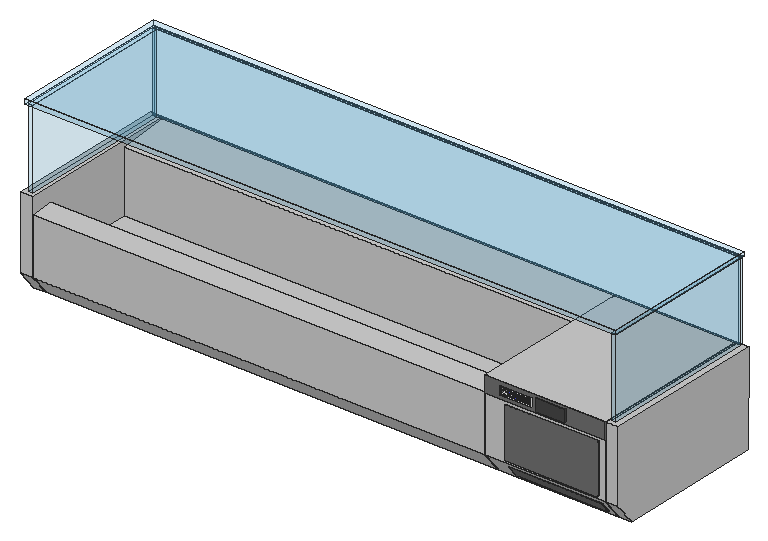
Revit family "Qf_Afinox_VRS1450V", category Specialty Equipment, Revit 2014
Parameters
  Show Logo [instance] = yes
  Show Clearance [instance] = yes
Reference planes
  plane 1 "Back": y = 0
  plane 2: z = 0
  plane 3 "Left": x = 0
  plane 4 "Right": x = 1450
  plane 5 "Front": y = -395
  plane 6 "Top": z = 225
Forms (mm)
  Extrusion 1, solid
    sketch origin (350, 0, 0) x (0, 1, 0) y (0, 0, 1)
      loop
        line (0, 225) -> (-118.091, 213.424) -> (-118.091, 63.424) -> (-342.706, 63.424) -> (-342.706, 191.405) -> (-395, 186.278) -> (-395, 50) -> (-354.511, 0) -> (0, 0) -> (0, 225)
    from -320 to 778
  Extrusion 2, solid
    sketch origin (0, 0, 0) x (0, 1, 0) y (0, 0, 1)
      loop
        line (0, 225) -> (-395, 225) -> (-395, 50) -> (-354.511, 0) -> (0, 0) -> (0, 225)
    from 0 to 30
  Extrusion 3, solid
    sketch origin (1420, 0, 0) x (0, 1, 0) y (0, 0, 1)
      loop
        line (0, 225) -> (-395, 225) -> (-395, 50) -> (-354.511, 0) -> (0, 0) -> (0, 225)
    from 0 to 30
  Extrusion 4, solid
    sketch origin (1390, 0, 0) x (0, 1, 0) y (0, 0, 1)
      loop
        line (0, 225) -> (-395, 225) -> (-395, 50) -> (-354.511, 0) -> (0, 0) -> (0, 225)
    from -262 to 30
  Extrusion 5, solid
    sketch origin (350, -394, -0.038) x (1, 0, 0) y (0, 0, 1)
      loop
        arc (829.65, 178.011) -> (827.352, 177.059) -> (826.4, 174.761) r 3.25
        line (826.4, 174.761) -> (826.4, 59.261)
        arc (826.4, 59.261) -> (827.352, 56.963) -> (829.65, 56.011) r 3.25
        line (829.65, 56.011) -> (1050.15, 56.011)
        arc (1050.15, 56.011) -> (1052.448, 56.963) -> (1053.4, 59.261) r 3.25
        line (1053.4, 59.261) -> (1053.4, 174.761)
        arc (1053.4, 174.761) -> (1052.448, 177.059) -> (1050.15, 178.011) r 3.25
        line (1050.15, 178.011) -> (829.65, 178.011)
    from 0 to 2
  Extrusion 6, solid
    sketch origin (350, -273.564, -98.372) x (1, 0, 0) y (0, -0.62932, 0.777146)
      loop
        arc (829.65, 178.011) -> (827.352, 177.059) -> (826.4, 174.761) r 3.25
        line (826.4, 174.761) -> (826.4, 141.843)
        arc (826.4, 141.843) -> (827.352, 139.544) -> (829.65, 138.593) r 3.25
        line (829.65, 138.593) -> (1050.15, 138.593)
        arc (1050.15, 138.593) -> (1052.448, 139.544) -> (1053.4, 141.843) r 3.25
        line (1053.4, 141.843) -> (1053.4, 174.761)
        arc (1053.4, 174.761) -> (1052.448, 177.059) -> (1050.15, 178.011) r 3.25
        line (1050.15, 178.011) -> (829.65, 178.011)
    from 0 to 2
  Extrusion 7, solid
    sketch origin (342.335, -397, -1.215) x (1, 0, 0) y (0, 0, 1)
      loop
        line (912.065, 221.354) -> (912.065, 192.354) -> (983.065, 192.354) -> (983.065, 221.354) -> (912.065, 221.354)
    from 0 to 3
  Extrusion 8, solid, visible <- "Show Logo"
    sketch origin (987.556, -397, -384.108) x (1, 0, 0) y (0, 0, 1)
      loop
        line (179.287, 599.596) -> (179.287, 579.899) -> (254.287, 579.899) -> (254.287, 599.596) -> (179.287, 599.596)
      loop
        line (199.226, 597.323) -> (199.226, 582.172) -> (253.014, 582.172) -> (253.014, 597.323) -> (199.226, 597.323)
      loop
        line (180.287, 597.323) -> (180.287, 582.172) -> (198.848, 582.172) -> (198.848, 597.323) -> (180.287, 597.323)
    from 0 to 2
  Extrusion 9, solid, visible <- "Show Logo"
    sketch origin (194.53, -397, -622.718) x (1, 0, 0) y (0, 0, 1)
      loop
        arc (994.034, 825.04) -> (994.842, 823.416) -> (996.479, 824.198) r 1.293
        line (996.479, 824.198) -> (996.958, 825.22) -> (1000.192, 825.22) -> (1000.6, 824.198)
        arc (1000.6, 824.198) -> (1002.252, 823.366) -> (1003.039, 825.04) r 1.291
        line (1003.039, 825.04) -> (999.801, 832.415)
        arc (999.801, 832.415) -> (998.57, 833.402) -> (997.337, 832.418) r 1.263
        line (997.337, 832.418) -> (994.034, 825.04)
      loop
        line (999.576, 827.427) -> (998.603, 829.738) -> (997.631, 827.445) -> (999.576, 827.427)
      loop
        line (1004.344, 832.421) -> (1004.344, 824.556)
        arc (1004.344, 824.556) -> (1005.631, 823.448) -> (1006.918, 824.556) r 1.302
        line (1006.918, 824.556) -> (1006.918, 827.178) -> (1010.126, 827.178)
        arc (1010.126, 827.178) -> (1011.3, 828.493) -> (1010.126, 829.808) r 1.323
        line (1010.126, 829.808) -> (1006.918, 829.808) -> (1006.918, 830.954) -> (1010.126, 830.954)
        arc (1010.126, 830.954) -> (1011.264, 832.233) -> (1010.126, 833.511) r 1.287
        line (1010.126, 833.511) -> (1005.326, 833.511)
        arc (1005.326, 833.511) -> (1004.652, 833.13) -> (1004.344, 832.421) r 1.22
      loop
        line (1012.593, 832.457) -> (1012.593, 824.488)
        arc (1012.593, 824.488) -> (1013.928, 823.343) -> (1015.262, 824.488) r 1.35
        line (1015.262, 824.488) -> (1015.262, 832.457)
        arc (1015.262, 832.457) -> (1013.928, 833.516) -> (1012.593, 832.457) r 1.37
      loop
        arc (1019.372, 832.457) -> (1018.038, 833.516) -> (1016.703, 832.457) r 1.37
        line (1016.703, 832.457) -> (1016.703, 824.488)
        arc (1016.703, 824.488) -> (1018.038, 823.343) -> (1019.372, 824.488) r 1.35
        line (1019.372, 824.488) -> (1019.372, 828.473) -> (1022.448, 824.488)
        arc (1022.448, 824.488) -> (1023.783, 823.343) -> (1025.118, 824.488) r 1.35
        line (1025.118, 824.488) -> (1025.118, 832.457)
        arc (1025.118, 832.457) -> (1023.783, 833.516) -> (1022.448, 832.457) r 1.37
        line (1022.448, 832.457) -> (1022.448, 828.473) -> (1019.372, 832.457)
      loop
        circle (1031.159, 828.429) r 5.095
      loop
        circle (1031.159, 828.429) r 2.733
      loop
        line (1036.425, 831.5) -> (1038.763, 828.375) -> (1036.365, 825.267)
        arc (1036.365, 825.267) -> (1036.712, 823.621) -> (1038.393, 823.703) r 1.296
        line (1038.393, 823.703) -> (1040.42, 826.313) -> (1042.28, 823.703)
        arc (1042.28, 823.703) -> (1043.993, 823.58) -> (1044.434, 825.238) r 1.346
        line (1044.434, 825.238) -> (1042.048, 828.408) -> (1044.37, 831.408)
        arc (1044.37, 831.408) -> (1044.07, 833.196) -> (1042.269, 832.987) r 1.316
        line (1042.269, 832.987) -> (1040.366, 830.453) -> (1038.502, 833.054)
        arc (1038.502, 833.054) -> (1036.78, 833.19) -> (1036.425, 831.5) r 1.308
      loop
        line (1046.04, 835.933) -> (992.253, 835.933) -> (992.253, 820.782) -> (1046.04, 820.782) -> (1046.04, 835.933)
    from 0 to 2
  Extrusion 10, solid, visible <- "Show Logo"
    sketch origin (187.402, -397, -442.664) x (1, 0, 0) y (0, 0, 1)
      loop
        line (980.441, 655.879) -> (980.441, 640.728) -> (999.001, 640.728) -> (999.001, 655.879) -> (980.441, 655.879)
      loop
        arc (982.146, 642.435) -> (982.404, 641.667) -> (983.211, 641.586) r 0.747
        line (983.211, 641.586) -> (989.781, 644.576) -> (996.334, 641.6)
        arc (996.334, 641.6) -> (997.088, 641.702) -> (997.296, 642.435) r 0.695
        line (997.296, 642.435) -> (990.231, 654.688)
        arc (990.231, 654.688) -> (989.721, 654.992) -> (989.211, 654.688) r 0.58
        line (989.211, 654.688) -> (982.146, 642.435)
    from 0 to 2
  Extrusion 11, solid, visible <- "Show Logo"
    sketch origin (153.114, -397, -392.26) x (1, 0, 0) y (0, 0, 1)
      loop
        arc (1016.435, 592.031) -> (1016.693, 591.262) -> (1017.5, 591.182) r 0.747
        line (1017.5, 591.182) -> (1024.07, 594.172) -> (1030.623, 591.195)
        arc (1030.623, 591.195) -> (1031.377, 591.298) -> (1031.584, 592.031) r 0.695
        line (1031.584, 592.031) -> (1024.52, 604.283)
        arc (1024.52, 604.283) -> (1024.01, 604.588) -> (1023.5, 604.283) r 0.58
        line (1023.5, 604.283) -> (1016.435, 592.031)
      loop
        arc (1035.45, 594.582) -> (1036.258, 592.958) -> (1037.895, 593.739) r 1.293
        line (1037.895, 593.739) -> (1038.374, 594.762) -> (1041.608, 594.762) -> (1042.016, 593.739)
        arc (1042.016, 593.739) -> (1043.668, 592.908) -> (1044.455, 594.582) r 1.291
        line (1044.455, 594.582) -> (1041.218, 601.957)
        arc (1041.218, 601.957) -> (1039.986, 602.943) -> (1038.753, 601.959) r 1.263
        line (1038.753, 601.959) -> (1035.45, 594.582)
      loop
        line (1040.992, 596.969) -> (1040.02, 599.279) -> (1039.047, 596.987) -> (1040.992, 596.969)
      loop
        arc (1045.76, 594.097) -> (1047.047, 592.99) -> (1048.334, 594.097) r 1.302
        line (1048.334, 594.097) -> (1048.334, 596.72) -> (1051.542, 596.72)
        arc (1051.542, 596.72) -> (1052.716, 598.035) -> (1051.542, 599.35) r 1.323
        line (1051.542, 599.35) -> (1048.334, 599.35) -> (1048.334, 600.496) -> (1051.542, 600.496)
        arc (1051.542, 600.496) -> (1052.681, 601.774) -> (1051.542, 603.052) r 1.287
        line (1051.542, 603.052) -> (1046.742, 603.052)
        arc (1046.742, 603.052) -> (1046.069, 602.672) -> (1045.76, 601.962) r 1.22
        line (1045.76, 601.962) -> (1045.76, 594.097)
      loop
        arc (1054.01, 594.029) -> (1055.344, 592.884) -> (1056.679, 594.029) r 1.35
        line (1056.679, 594.029) -> (1056.679, 601.999)
        arc (1056.679, 601.999) -> (1055.344, 603.058) -> (1054.01, 601.999) r 1.37
        line (1054.01, 601.999) -> (1054.01, 594.029)
      loop
        arc (1058.12, 594.029) -> (1059.454, 592.884) -> (1060.789, 594.029) r 1.35
        line (1060.789, 594.029) -> (1060.789, 598.014) -> (1063.865, 594.029)
        arc (1063.865, 594.029) -> (1065.199, 592.884) -> (1066.534, 594.029) r 1.35
        line (1066.534, 594.029) -> (1066.534, 601.999)
        arc (1066.534, 601.999) -> (1065.199, 603.058) -> (1063.865, 601.999) r 1.37
        line (1063.865, 601.999) -> (1063.865, 598.014) -> (1060.789, 601.999)
        arc (1060.789, 601.999) -> (1059.454, 603.058) -> (1058.12, 601.999) r 1.37
        line (1058.12, 601.999) -> (1058.12, 594.029)
      loop
        circle (1072.575, 597.971) r 5.095
      loop
        circle (1072.575, 597.971) r 2.733
      loop
        line (1080.18, 597.917) -> (1077.782, 594.809)
        arc (1077.782, 594.809) -> (1078.129, 593.163) -> (1079.809, 593.245) r 1.296
        line (1079.809, 593.245) -> (1081.836, 595.854) -> (1083.697, 593.245)
        arc (1083.697, 593.245) -> (1085.409, 593.121) -> (1085.851, 594.78) r 1.346
        line (1085.851, 594.78) -> (1083.464, 597.949) -> (1085.787, 600.95)
        arc (1085.787, 600.95) -> (1085.486, 602.737) -> (1083.686, 602.528) r 1.316
        line (1083.686, 602.528) -> (1081.782, 599.994) -> (1079.918, 602.596)
        arc (1079.918, 602.596) -> (1078.197, 602.731) -> (1077.841, 601.041) r 1.308
        line (1077.841, 601.041) -> (1080.18, 597.917)
    from 0 to 2
  Extrusion 12, solid
    sketch origin (215.935, -395, 3.646) x (1, 0, 0) y (0, 0, 1)
      loop
        line (912.065, 221.354) -> (912.065, 182.633) -> (1204.065, 182.633) -> (1204.065, 221.354) -> (912.065, 221.354)
    from 0 to 2
  Extrusion 13, solid
    sketch origin (350, -6.8, 0) x (1, 0, 0) y (0, 0, 1)
      loop
        circle (1050, 20) r 5
    from -17.6 to -6.8
  Extrusion 14, solid
    sketch origin (350, 0, 0) x (1, 0, 0) y (0, 0, 1)
      loop
        line (-320, 13) -> (1070, 13) -> (1070, 186) -> (-320, 186) -> (-320, 13)
      loop
        circle (1050, 20) r 5
    from -10.8 to 0
  Extrusion 15, solid
    sketch origin (345, 0, 0) x (0, 1, 0) y (0, 0, 1)
      loop
        line (0, 428.598) -> (-391, 428.598) -> (-391, 416.598) -> (0, 416.598) -> (0, 428.598)
    from -337.5 to 1097.5
  Extrusion 16, solid
    sketch origin (350, 0, 0) x (0, 1, 0) y (0, 0, 1)
      loop
        line (-2, 416.598) -> (-8, 416.598) -> (-8, 225.598) -> (-2, 225.598) -> (-2, 416.598)
    from -337.5 to 1087.5
  Extrusion 17, solid
    sketch origin (0, 0, 0) x (1, 0, 0) y (0, 0, 1)
      loop
        line (12.5, 416.598) -> (12.5, 225) -> (22.5, 225) -> (22.5, 416.598) -> (12.5, 416.598)
    from 8 to 386
  Extrusion 18, solid
    sketch origin (350, 0, 0) x (1, 0, 0) y (0, 0, 1)
      loop
        line (1077.5, 416.598) -> (1077.5, 225.598) -> (1087.5, 225.598) -> (1087.5, 416.598) -> (1077.5, 416.598)
    from 2 to 386
Lines and regions (mm)
  symbolic lines, style "200-EquipBorder-2D"
    curve 1: line (0, 0, 0) -> (1450, 0, 0)
    curve 2: line (0, -395, 0) -> (0, 0, 0)
    curve 3: line (1450, -395, 0) -> (0, -395, 0)
    curve 4: line (1450, 0, 0) -> (1450, -395, 0)
    curve 5: line (30, 0, 0) -> (30, 10.8, 0)
    curve 6: line (30, 10.8, 0) -> (1420, 10.8, 0)
    curve 7: line (1420, 10.8, 0) -> (1420, 0, 0)
  symbolic lines, style "200-EquipInternal-2D"
    curve 8: line (7.5, -2, 0) -> (1442.5, -2, 0)
    curve 9: line (7.5, -391, 0) -> (7.5, -2, 0)
    curve 10: line (1442.5, -391, 0) -> (7.5, -391, 0)
    curve 11: line (1442.5, -2, 0) -> (1442.5, -391, 0)
    curve 12: line (1128, -391, 0) -> (1128, -395, 0)
    curve 13: line (1420, -391, 0) -> (1420, -395, 0)
    curve 14: line (30, -391, 0) -> (30, -395, 0)
Dimensions and locks
  plane 3 "Left" to plane 4 "Right" = 1450 mm
  plane 5 "Front" to plane 1 "Back" = 395 mm
  plane 6 "Top" to level = 225 mm
  aligned and locked: level to plane 2
  aligned and locked: Extrusion 1 to Extrusion 2
  aligned and locked: Extrusion 14 to Extrusion 1
  aligned and locked: Extrusion 16 to Extrusion 17
Connectors
  electrical at (1400, 10.8, 20)
    settings: on Extrusion 13, index 1, voltage 0 V, apparent load 0 VA, apparent load phase1 0 VA, apparent load phase2 0 VA, apparent load phase3 0 VA, power factor 1, load classification "Other", number of poles 1, system type 31, power factor state 1, is connector primary yes, connector utility no, sub classification motor no, connector description "Electrical connection"
